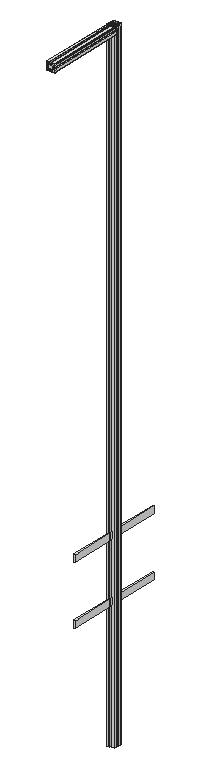
Revit family "Assmbly_PC4-Pole_2Bkt-Opp_Rakks", category Specialty Equipment, Revit 2026
Family settings
  Round Connector Dimension = Use Diameter
  Part Type = Normal
  Classification Number = 23.40.50.31.11.14
  Work Plane-Based = No
  Enable Cutting in Views = No
  Always vertical = Yes
  Cut with Voids When Loaded = No
  Maintain Annotation Orientation = No
  Shared = Yes
  Room Calculation Point = No
Parameters
  Warranty Duration (Years) = 0
  Wall Location [instance] = 1' - 3.08434"
  Unit Height [instance] = 10' - 0"
  URL = "http://www.rakks.com/"
  Type Comments = "Universal and Aria Brackets may not be used with SQ Standards"
  Test Data = "http://www.rakks.com/pdfs/Rangine_Corporation_Leed_Statement.pdf"
  Pole Type [instance] = Pole-PC4_Rakks : G Mount
  Specification = "http://www.arcat.com/sdspecs/htm/10670rak.htm"
  Shelf Overhang = 0' - 2"
  Shelf Length [instance] = 3' - 0"
  Send Message = "http://www.arcat.com/users.pl?action=UserEmail&company=Rangine%20Corp.%20-%20Rakks&coid=35076&rep=116&fax=781-455-8702&mf="
  Sales Information = "http://store.rakks.com/"
  Revision = "R1_03-2010"
  Product Properties = "http://www.arcat.com/bim/bim_info.pl?fn=Shelving_Rakks"
  Product Data = "http://www.arcat.com/arcatcos/cos35/arc35076.html"
  Model = ""
  Material = Metal - Clear Anodized
  Manufacturer's Notes = "Aluminum Shelves may only be used with rectangular brackets"
  Manufacturer Website = "http://www.rakks.com/"
  Manufacturer Phone - Toll Free = "800-826-6006"
  Manufacturer Phone = "781-455-8700"
  Manufacturer Fax = "781-455-8702"
  Manufacturer Address = "330 Reservoir St., Needham, MA 02494"
  Manufacturer = "Rangine Corp. - Rakks"
  Maintenance Schedule (Months) = 0
  Keynote = "10 56 00"
  Installation-Fabrication = "http://www.rakks.com/literature/install.html"
  Installation Phase = ""
  Ht8 [instance] = 1' - 1"
  Ht7 [instance] = 1' - 1"
  Ht6 [instance] = 0' - 11 15/32"
  Ht5 [instance] = 0' - 10 25/32"
  Ht4 [instance] = 1' - 2"
  Ht3 [instance] = 1' - 4"
  Ht2 [instance] = 0' - 11"
  Ht1 [instance] = 2' - 0 3/4"
  Green Building-LEED = "http://www.arcat.com/green/clients/leed_data_35076.html"
  Expected Lifespan (Years) = 0
  Drawn By = "Robert S. Weygant, CSI, CDT, SCIP"
  Description = ""
  Default Elevation = 0' - 0"
  Copyright = "2010, ARCAT, Inc"
  Construction Details = "http://www.arcat.com/details/rangine/rangine.html?coid=35076"
  Capacity (Weight) = 0.00 lbf
  Building Codes = ""
  Brackets [instance] = 2
  Bracket Type [instance] = Bkt-Rectangular_Rakks : Bkt-Rectangular_Rakks
  Bracket Location = 0' - 0 3/8"
  Assembly Code = "E1010500"
  8Bkt [instance] = Brackets > 7  # no
  7Bkt [instance] = Brackets > 6  # no
  6Bkt [instance] = Brackets > 5  # no
  5Bkt [instance] = Brackets > 4  # no
  4Bkt [instance] = Brackets > 3  # no
  3Bkt [instance] = Brackets > 2  # no
  2Bkt [instance] = Brackets > 1  # yes
Reference planes (in)
  plane 1 "Center (Front/Back)": y = 0
  plane 2: z = 0
  plane 3 "Center (Left/Right)": x = 0.21548
  plane 4: z = 120
  plane 5: y = -0.375
  plane 6: z = 24.75
  plane 7: z = 35.75
  plane 8: z = 51.75
  plane 9: z = 65.75
  plane 10: z = 76.53125
  plane 11: z = 88
  plane 12: x = 34.21548
  plane 13: x = -1.78452
  plane 14: x = 32.21548
  plane 15: y = -0.75
  plane 16: z = 101
  plane 17: z = 114
  plane 18: y = 0.375
  plane 19: y = 0.75
  plane 20: x = -0.15952
  plane 21: x = 0.59048
  plane 22: y = -14.70934
Dimensions and locks (in)
  "Unit Height": plane 4 to plane 2
  "Bracket Location": plane 5 to plane 1 "Center (Front/Back)"
  "Ht1": plane 6 to plane 2
  "Ht2": plane 7 to plane 6
  "Ht3": plane 8 to plane 7
  "Ht4": plane 9 to plane 8
  "Ht5": plane 10 to plane 9
  "Ht6": plane 11 to plane 10
  "Shelf Overhang": plane 13 to plane 3 "Center (Left/Right)"
  "Shelf Overhang": plane 14 to plane 12
  "Shelf Length": plane 13 to plane 12
  locked: plane 15 to plane 1 "Center (Front/Back)" at 0.75
  "Ht7": plane 16 to plane 11
  "Ht8": plane 17 to plane 16
  "Bracket Location": plane 1 "Center (Front/Back)" to plane 18
  locked: plane 1 "Center (Front/Back)" to plane 19 at 0.75
  "Bracket Location": plane 20 to plane 3 "Center (Left/Right)"
  "Bracket Location": plane 3 "Center (Left/Right)" to plane 21
  "Wall Location": plane 18 to plane 22
  aligned and locked: nested 1 to plane 3 "Center (Left/Right)"
  aligned and locked: plane 1 "Center (Front/Back)" to nested 1
  aligned and locked: nested 2 to plane 3 "Center (Left/Right)"
  aligned and locked: nested 2 to plane 5
  aligned and locked: plane 6 to nested 2
  aligned and locked: plane 11 to nested 7
  aligned and locked: plane 10 to nested 6
  aligned and locked: plane 9 to nested 5
  aligned and locked: plane 8 to nested 4
  aligned and locked: plane 7 to nested 3
  aligned and locked: plane 16 to nested 8
  aligned and locked: nested 8 to plane 5
  aligned and locked: plane 17 to nested 9
  aligned and locked: nested 9 to plane 5
  aligned and locked: plane 3 "Center (Left/Right)" to nested 5
  aligned and locked: plane 3 "Center (Left/Right)" to nested 6
  aligned and locked: plane 3 "Center (Left/Right)" to nested 7
  aligned and locked: plane 3 "Center (Left/Right)" to nested 4
  aligned and locked: plane 3 "Center (Left/Right)" to nested 3
  aligned and locked: nested 11 to plane 3 "Center (Left/Right)"
  aligned and locked: nested 10 to plane 3 "Center (Left/Right)"
  aligned and locked: nested 12 to plane 3 "Center (Left/Right)"
  aligned and locked: nested 13 to plane 3 "Center (Left/Right)"
  aligned and locked: nested 14 to plane 3 "Center (Left/Right)"
  aligned and locked: nested 15 to plane 3 "Center (Left/Right)"
  aligned and locked: plane 3 "Center (Left/Right)" to nested 16
  aligned and locked: plane 3 "Center (Left/Right)" to nested 17
  aligned and locked: nested 17 to plane 17
  aligned and locked: nested 16 to plane 16
  aligned and locked: nested 15 to plane 11
  aligned and locked: nested 14 to plane 10
  aligned and locked: nested 13 to plane 9
  aligned and locked: nested 12 to plane 8
  aligned and locked: nested 11 to plane 7
  aligned and locked: nested 10 to plane 6
  aligned and locked: nested 10 to plane 18
  aligned and locked: nested 11 to plane 18
  aligned and locked: nested 12 to plane 18
  aligned and locked: nested 13 to plane 18
  aligned and locked: nested 14 to plane 18
  aligned and locked: nested 15 to plane 18
  aligned and locked: nested 16 to plane 18
  aligned and locked: nested 17 to plane 18
  aligned and locked: nested 7 to plane 5
  aligned and locked: nested 6 to plane 5
  aligned and locked: nested 5 to plane 5
  aligned and locked: nested 4 to plane 5
  aligned and locked: nested 3 to plane 5
  aligned and locked: nested 1 to plane 22
Nested families (in)
  nested 1: "Pole-PC4_Rakks" at (0.21548, 0, 0), type <- "Pole Type", Unit Height <- "Unit Height", type "G Mount"
    with Wall Location 1' - 2.70934", Unit Height 10' - 0"
  nested 2: "Bkt-Rectangular_Rakks" at (0.21548, -0.375, 24.75), type <- "Bracket Type", type "Bkt-Rectangular_Rakks"
  nested 3: "Bkt-Rectangular_Rakks" at (0.21548, -0.375, 35.75), type <- "Bracket Type", visible <- "2Bkt", type "Bkt-Rectangular_Rakks"
  nested 4: "Bkt-Rectangular_Rakks" at (0.21548, -0.375, 51.75), type <- "Bracket Type", visible <- "3Bkt", type "Bkt-Rectangular_Rakks"
  nested 5: "Bkt-Rectangular_Rakks" at (0.21548, -0.375, 65.75), type <- "Bracket Type", visible <- "4Bkt", type "Bkt-Rectangular_Rakks"
  nested 6: "Bkt-Rectangular_Rakks" at (0.21548, -0.375, 76.53125), type <- "Bracket Type", visible <- "5Bkt", type "Bkt-Rectangular_Rakks"
  nested 7: "Bkt-Rectangular_Rakks" at (0.21548, -0.375, 88), type <- "Bracket Type", visible <- "6Bkt", type "Bkt-Rectangular_Rakks"
  nested 8: "Bkt-Rectangular_Rakks" at (0, -0.375, 101), type <- "Bracket Type", visible <- "7Bkt", type "Bkt-Rectangular_Rakks"
  nested 9: "Bkt-Rectangular_Rakks" at (0, -0.375, 114), type <- "Bracket Type", visible <- "8Bkt", type "Bkt-Rectangular_Rakks"
  nested 10: "Bkt-Rectangular_Rakks" at (0.21548, 0.375, 24.75), type <- "Bracket Type", type "Bkt-Rectangular_Rakks"
  nested 11: "Bkt-Rectangular_Rakks" at (0.21548, 0.375, 35.75), type <- "Bracket Type", visible <- "2Bkt", type "Bkt-Rectangular_Rakks"
  nested 12: "Bkt-Rectangular_Rakks" at (0.21548, 0.375, 51.75), type <- "Bracket Type", visible <- "3Bkt", type "Bkt-Rectangular_Rakks"
  nested 13: "Bkt-Rectangular_Rakks" at (0.21548, 0.375, 65.75), type <- "Bracket Type", visible <- "4Bkt", type "Bkt-Rectangular_Rakks"
  nested 14: "Bkt-Rectangular_Rakks" at (0.21548, 0.375, 76.53125), type <- "Bracket Type", visible <- "5Bkt", type "Bkt-Rectangular_Rakks"
  nested 15: "Bkt-Rectangular_Rakks" at (0.21548, 0.375, 88), type <- "Bracket Type", visible <- "6Bkt", type "Bkt-Rectangular_Rakks"
  nested 16: "Bkt-Rectangular_Rakks" at (0.21548, 0.375, 101), type <- "Bracket Type", visible <- "7Bkt", type "Bkt-Rectangular_Rakks"
  nested 17: "Bkt-Rectangular_Rakks" at (0.21548, 0.375, 114), type <- "Bracket Type", visible <- "8Bkt", type "Bkt-Rectangular_Rakks"
Definition of nested family "Pole-PC4_Rakks"
  Parameters
    Warranty Duration (Years) = 0
    Wall Location [instance] = 1' - 0 173/256"
    Unit Height [instance] = 8' - 0"
    URL = "http://www.rakks.com/"
    Test Data = "http://www.rakks.com/pdfs/Rangine_Corporation_Leed_Statement.pdf"
    Specification = "http://www.arcat.com/sdspecs/htm/10670rak.htm"
    Send Message = "http://www.arcat.com/users.pl?action=UserEmail&company=Rangine%20Corp.%20-%20Rakks&coid=35076&rep=116&fax=781-455-8702&mf="
    Sales Information = "http://store.rakks.com/"
    Revision = "R1_03-2010"
    Product Properties = "http://www.arcat.com/bim/bim_info.pl?fn=Shelving_Rakks"
    Product Data = "http://www.arcat.com/arcatcos/cos35/arc35076.html"
    Model = ""
    Material = none
    Manufacturer Website = "http://www.rakks.com/"
    Manufacturer Phone - Toll Free = "800-826-6006"
    Manufacturer Phone = "781-455-8700"
    Manufacturer Fax = "781-455-8702"
    Manufacturer Address = "330 Reservoir St., Needham, MA 02494"
    Manufacturer = "Rangine Corp. - Rakks"
    Maintenance Schedule (Months) = 0
    Keynote = "10 56 00"
    Installation-Fabrication = "http://www.rakks.com/literature/install.html"
    Installation Phase = ""
    Has Return = yes
    Green Building-LEED = "http://www.arcat.com/green/clients/leed_data_35076.html"
    Expected Lifespan (Years) = 0
    Drawn By = "Robert S. Weygant, CSI, CDT, SCIP"
    Description = ""
    Default Elevation = 0' - 0"
    Copyright = "2010, ARCAT, Inc"
    Construction Details = "http://www.arcat.com/details/rangine/rangine.html?coid=35076"
    Capacity (Weight) = 0.00 lbf
    Building Codes = ""
    Assembly Code = "E1010500"
  Reference planes (in)
    plane 1 "Center (Front/Back)": y = 0
    plane 2: z = 0
    plane 3 "Center (Left/Right)": x = 0
    plane 4: z = 96
    plane 5: x = -0.75
    plane 6: y = 0.75
    plane 7: y = -0.75
    plane 8: x = 0.75
    plane 9: y = -12.67578
  Forms (in)
    Extrusion 1, solid, material <- "Material"
      sketch origin (0, 0, 0) x (1, 0, 0) y (0, 1, 0)
        loop
          line (-0.65, 0.19) -> (-0.65, 0.40132) -> (-0.54416, 0.44516) -> (-0.31, 0.21101) -> (-0.31, -0.21101) -> (-0.54416, -0.44516) -> (-0.65, -0.40132) -> (-0.65, -0.19)
          arc (-0.65, -0.19) -> (-0.7, -0.14) -> (-0.75, -0.19) r 0.05
          line (-0.75, -0.19) -> (-0.75, -0.688)
          arc (-0.75, -0.688) -> (-0.73184, -0.73184) -> (-0.688, -0.75) r 0.062
          line (-0.688, -0.75) -> (-0.19, -0.75)
          arc (-0.19, -0.75) -> (-0.14, -0.7) -> (-0.19, -0.65) r 0.05
          line (-0.19, -0.65) -> (-0.40132, -0.65) -> (-0.44516, -0.54416) -> (-0.21101, -0.31) -> (0.21101, -0.31) -> (0.44516, -0.54416) -> (0.40132, -0.65) -> (0.19, -0.65)
          arc (0.19, -0.65) -> (0.14, -0.7) -> (0.19, -0.75) r 0.05
          line (0.19, -0.75) -> (0.688, -0.75)
          arc (0.688, -0.75) -> (0.73184, -0.73184) -> (0.75, -0.688) r 0.062
          line (0.75, -0.688) -> (0.75, -0.19)
          arc (0.75, -0.19) -> (0.7, -0.14) -> (0.65, -0.19) r 0.05
          line (0.65, -0.19) -> (0.65, -0.40132) -> (0.54416, -0.44516) -> (0.31, -0.21101) -> (0.31, 0.21101) -> (0.54416, 0.44516) -> (0.65, 0.40132) -> (0.65, 0.19)
          arc (0.65, 0.19) -> (0.7, 0.14) -> (0.75, 0.19) r 0.05
          line (0.75, 0.19) -> (0.75, 0.688)
          arc (0.75, 0.688) -> (0.73184, 0.73184) -> (0.688, 0.75) r 0.062
          line (0.688, 0.75) -> (0.19, 0.75)
          arc (0.19, 0.75) -> (0.14, 0.7) -> (0.19, 0.65) r 0.05
          line (0.19, 0.65) -> (0.40132, 0.65) -> (0.44516, 0.54416) -> (0.21101, 0.31) -> (-0.21101, 0.31) -> (-0.44516, 0.54416) -> (-0.40132, 0.65) -> (-0.19, 0.65)
          arc (-0.19, 0.65) -> (-0.14, 0.7) -> (-0.19, 0.75) r 0.05
          line (-0.19, 0.75) -> (-0.688, 0.75)
          arc (-0.688, 0.75) -> (-0.73184, 0.73184) -> (-0.75, 0.688) r 0.062
          line (-0.75, 0.688) -> (-0.75, 0.19)
          arc (-0.75, 0.19) -> (-0.7, 0.14) -> (-0.65, 0.19) r 0.05
      from 0 to 96
    Extrusion 2, solid, material <- "Material", visible <- "Has Return"
      sketch origin (0, 0, 0) x (1, 0, 0) y (0, 0, 1)
        loop
          line (-0.65, 95.44) -> (-0.65, 95.65132) -> (-0.54416, 95.69516) -> (-0.31, 95.46101) -> (-0.31, 95.03899) -> (-0.54416, 94.80484) -> (-0.65, 94.84868) -> (-0.65, 95.06)
          arc (-0.65, 95.06) -> (-0.7, 95.11) -> (-0.75, 95.06) r 0.05
          line (-0.75, 95.06) -> (-0.75, 94.562)
          arc (-0.75, 94.562) -> (-0.73184, 94.51816) -> (-0.688, 94.5) r 0.062
          line (-0.688, 94.5) -> (-0.19, 94.5)
          arc (-0.19, 94.5) -> (-0.14, 94.55) -> (-0.19, 94.6) r 0.05
          line (-0.19, 94.6) -> (-0.40132, 94.6) -> (-0.44516, 94.70584) -> (-0.21101, 94.94) -> (0.21101, 94.94) -> (0.44516, 94.70584) -> (0.40132, 94.6) -> (0.19, 94.6)
          arc (0.19, 94.6) -> (0.14, 94.55) -> (0.19, 94.5) r 0.05
          line (0.19, 94.5) -> (0.688, 94.5)
          arc (0.688, 94.5) -> (0.73184, 94.51816) -> (0.75, 94.562) r 0.062
          line (0.75, 94.562) -> (0.75, 95.06)
          arc (0.75, 95.06) -> (0.7, 95.11) -> (0.65, 95.06) r 0.05
          line (0.65, 95.06) -> (0.65, 94.84868) -> (0.54416, 94.80484) -> (0.31, 95.03899) -> (0.31, 95.46101) -> (0.54416, 95.69516) -> (0.65, 95.65132) -> (0.65, 95.44)
          arc (0.65, 95.44) -> (0.7, 95.39) -> (0.75, 95.44) r 0.05
          line (0.75, 95.44) -> (0.75, 95.938)
          arc (0.75, 95.938) -> (0.73184, 95.98184) -> (0.688, 96) r 0.062
          line (0.688, 96) -> (0.19, 96)
          arc (0.19, 96) -> (0.14, 95.95) -> (0.19, 95.9) r 0.05
          line (0.19, 95.9) -> (0.40132, 95.9) -> (0.44516, 95.79416) -> (0.21101, 95.56) -> (-0.21101, 95.56) -> (-0.44516, 95.79416) -> (-0.40132, 95.9) -> (-0.19, 95.9)
          arc (-0.19, 95.9) -> (-0.14, 95.95) -> (-0.19, 96) r 0.05
          line (-0.19, 96) -> (-0.688, 96)
          arc (-0.688, 96) -> (-0.73184, 95.98184) -> (-0.75, 95.938) r 0.062
          line (-0.75, 95.938) -> (-0.75, 95.44)
          arc (-0.75, 95.44) -> (-0.7, 95.39) -> (-0.65, 95.44) r 0.05
      from 12.67578 to 0
  Dimensions and locks (in)
    "Unit Height": plane 4 to plane 2
    "Wall Location": plane 1 "Center (Front/Back)" to plane 9
    aligned and locked: Extrusion 1 to plane 4
    aligned and locked: plane 1 "Center (Front/Back)" to Extrusion 2
    aligned and locked: Extrusion 2 to plane 9
  Automatic sketch dimensions
    Extrusion 1 sketch curve to plane 3 "Center (Left/Right)" = 0' - 0 3/4"
    Extrusion 1 sketch curve to Extrusion 1 sketch curve = 0' - 0"  (x2)
    Extrusion 1 sketch curve to Extrusion 1 sketch curve = 0' - 0.05"  (x6)
    Extrusion 1 sketch curve to Extrusion 1 sketch curve = 0' - 0.062"  (x2)
    Extrusion 1 sketch curve to Extrusion 1 sketch curve = 0' - 0.10584"  (x8)
    Extrusion 1 sketch curve to Extrusion 1 sketch curve = 0' - 0.09899"  (x14)
    Extrusion 1 sketch curve to Extrusion 1 sketch curve = 0' - 0.04384"  (x8)
    Extrusion 1 sketch curve to plane 3 "Center (Left/Right)" = 0' - 0.31"
    Extrusion 1 sketch curve to plane 3 "Center (Left/Right)" = 0' - 0.19"  (x2)
    plane 3 "Center (Left/Right)" to Extrusion 1 sketch curve = 0' - 0.19"  (x2)
    plane 3 "Center (Left/Right)" to Extrusion 1 sketch curve = 0' - 0.21101"  (x2)
    Extrusion 1 sketch curve to Extrusion 1 sketch curve = 0' - 0.21132"  (x4)
    Extrusion 1 sketch curve to Extrusion 1 sketch curve = 0' - 0.14384"
    Extrusion 1 sketch curve to Extrusion 1 sketch curve = 0' - 0.28668"  (x3)
    plane 1 "Center (Front/Back)" to Extrusion 1 sketch curve = 0' - 0 3/4"
    plane 1 "Center (Front/Back)" to Extrusion 1 sketch curve = 0' - 0.31"
    plane 1 "Center (Front/Back)" to Extrusion 1 sketch curve = 0' - 0.19"  (x2)
    Extrusion 1 sketch curve to plane 1 "Center (Front/Back)" = 0' - 0.19"  (x2)
    Extrusion 1 sketch curve to plane 1 "Center (Front/Back)" = 0' - 0.21101"  (x2)
    Extrusion 2 sketch curve to plane 5 = 0' - 0"  (x2)
    Extrusion 2 sketch curve to plane 8 = 0' - 0"  (x2)
    Extrusion 2 sketch curve to Extrusion 2 sketch curve = 0' - 0.05"  (x4)
    Extrusion 2 sketch curve to plane 5 = 0' - 0.062"
    Extrusion 2 sketch curve to Extrusion 2 sketch curve = 0' - 0.062"  (x2)
    Extrusion 2 sketch curve to Extrusion 2 sketch curve = 0' - 0.10584"  (x6)
    Extrusion 2 sketch curve to Extrusion 2 sketch curve = 0' - 0.09899"  (x14)
    Extrusion 2 sketch curve to Extrusion 2 sketch curve = 0' - 0.04384"  (x8)
    Extrusion 2 sketch curve to plane 3 "Center (Left/Right)" = 0' - 0.31"
    Extrusion 2 sketch curve to plane 3 "Center (Left/Right)" = 0' - 0.19"  (x2)
    plane 3 "Center (Left/Right)" to Extrusion 2 sketch curve = 0' - 0.19"  (x2)
    plane 3 "Center (Left/Right)" to Extrusion 2 sketch curve = 0' - 0.21101"  (x2)
    Extrusion 2 sketch curve to Extrusion 2 sketch curve = 0' - 0.21132"  (x6)
    Extrusion 2 sketch curve to Extrusion 2 sketch curve = 0' - 0.1"
    Extrusion 2 sketch curve to plane 8 = 0' - 0.1"
    Extrusion 2 sketch curve to plane 8 = 0' - 0.062"
    plane 4 to Extrusion 2 sketch curve = 0' - 1 1/2"  (x2)
    Extrusion 2 sketch curve to Extrusion 2 sketch curve = 0' - 0.23416"
    Extrusion 2 sketch curve to Extrusion 2 sketch curve = 0' - 0.38"  (x2)
    Extrusion 2 sketch curve to Extrusion 2 sketch curve = 0' - 0.02101"  (x2)
    Extrusion 2 sketch curve to Extrusion 2 sketch curve = 0' - 0.28668"  (x2)
Definition of nested family "Bkt-Rectangular_Rakks"
  Parameters
    Warranty Duration (Years) = 0
    Unit Depth = 0' - 8 3/4"
    URL = "http://www.rakks.com/"
    Test Data = "http://www.rakks.com/pdfs/Rangine_Corporation_Leed_Statement.pdf"
    Specification = "http://www.arcat.com/sdspecs/htm/10670rak.htm"
    Send Message = "http://www.arcat.com/users.pl?action=UserEmail&company=Rangine%20Corp.%20-%20Rakks&coid=35076&rep=116&fax=781-455-8702&mf="
    Sales Information = "http://store.rakks.com/"
    Default Elevation = 0' - 0"
    Bracket Thickness = 0' - 0 1/4"
    Bracket Depth = 0' - 1 1/4"
    Revision = "R1_03-2010"
    Product Properties = "http://www.arcat.com/bim/bim_info.pl?fn=Shelving_Rakks"
    Product Data = "http://www.arcat.com/arcatcos/cos35/arc35076.html"
    Model = ""
    Material = none
    Manufacturer Website = "http://www.rakks.com/"
    Manufacturer Phone - Toll Free = "800-826-6006"
    Manufacturer Phone = "781-455-8700"
    Manufacturer Fax = "781-455-8702"
    Manufacturer Address = "330 Reservoir St., Needham, MA 02494"
    Manufacturer = "Rangine Corp. - Rakks"
    Maintenance Schedule (Months) = 0
    Keynote = "10 56 00"
    Installation-Fabrication = "http://www.rakks.com/literature/install.html"
    Installation Phase = ""
    Green Building-LEED = "http://www.arcat.com/green/clients/leed_data_35076.html"
    Expected Lifespan (Years) = 0
    Drawn By = "Robert S. Weygant, CSI, CDT, SCIP"
    Description = ""
    Copyright = "2010, ARCAT, Inc"
    Construction Details = "http://www.arcat.com/details/rangine/rangine.html?coid=35076"
    Capacity (Weight) = 0.00 lbf
    Building Codes = ""
    Assembly Code = "E1010500"
  Reference planes (in)
    plane 1 "Back": y = 0
    plane 2: z = 0
    plane 3 "Center (Left/Right)": x = 0
    plane 4: y = -8.75
    plane 5: z = -1.25
    plane 6: x = -0.125
    plane 7: x = 0.125
    plane 8 "Mounting Face": y = -0.75
  Forms (in)
    Extrusion 1, solid, material <- "Material"
      sketch origin (0, 0, -0.5821) x (0, 1, 0) y (0, 0, 1)
        loop
          line (-8.75, -0.6679) -> (0, -0.6679) -> (0, 0.3321) -> (-0.25, 0.5821) -> (-8.75, 0.5821) -> (-8.75, -0.6679)
      from -0.125 to 0.125
  Dimensions and locks (in)
    "Unit Depth": plane 1 "Back" to plane 4
    "Bracket Depth": level to plane 5
    equal spacing: plane 7, plane 3 "Center (Left/Right)", plane 6
    "Bracket Thickness": plane 7 to plane 6
    aligned and locked: Extrusion 1 to plane 6
    aligned and locked: plane 7 to Extrusion 1
  Automatic sketch dimensions
    Extrusion 1 sketch curve to plane 4 = 0' - 0"
    Extrusion 1 sketch curve to level = 0' - 0"
    Extrusion 1 sketch curve to plane 1 "Back" = 0' - 0"
    Extrusion 1 sketch curve to plane 5 = 0' - 0"
    plane 1 "Back" to Extrusion 1 sketch curve = 0' - 0 1/4"
    Extrusion 1 sketch curve to level = 0' - 0 1/4"
